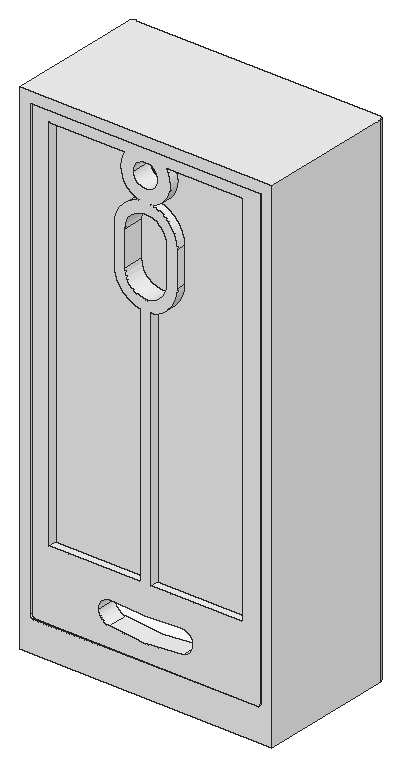
Revit family "STH21728BR_30_STH21728PTO_30", category Luminárias, Revit 2023
Family settings
  Hospedeiro = Parede
  Cota do conector redondo = Utilizar diâmetro
  Tipo de parte = Normal
  Número OmniClass = 23.80.70.00
  Título OmniClass = Lighting
  Sempre na vertical = Sim
  Corte com vazios quando carregada = Não
  Fonte luminosa = Sim
  Manter orientação da anotação = Não
  Compartilhado = Não
  Ponto de cálculo do ambiente = Não
Parameters (values of type "STH21728BR/30 - BRANCO - BIVOLT - 3000K - 100lm")
  Ângulo de inclinação = 90.00°
  Ângulo de Abertura = "70°"
  Wattage = 0.67321 W
  Vidro = Vidro
  URL = "https://stella.com.br/"
  Troca de temperatura da cor de lâmpada com esmaecimento = <Nenhum>
  Tensão Elétrica = "100V-240V"
  built-in parameter 1150107 = 3000 (stored number, unit not read)
  Temperatura da cor (K) = 3000 K
  Referência = "STH21728BR/30"
  Potência = 2.5 W
  built-in parameter 1150110 = 1 (stored number, unit not read)
  built-in parameter 1150109 = 1 (stored number, unit not read)
  built-in parameter 1114218 = 1 (stored number, unit not read)
  built-in parameter 1150112 = 1 (stored number, unit not read)
  built-in parameter 1150113 = 1 (stored number, unit not read)
  built-in parameter 1150132 = 2
  built-in parameter 1150137 = (empty or 0)
  Modelo = "Wall Micro"
  Luminoso = Luminoso - 3000K
  built-in parameter 1150106 = 0.079577 (stored number, unit not read)
  Largura = 0.02 m
  built-in parameter 1150102 = (empty or 0)
  built-in parameter 1150105 = 7.9577 (stored number, unit not read)
  IRC (Índice de reprodução de cores) = ">80"
  Grau de proteção (IP) = "IP65"
  Fluxo Luminoso = 100 lm
  Color Filter = 16777215
  built-in parameter 1114217 = 1 (stored number, unit not read)
  built-in parameter 1150139 = (empty or 0)
  Fabricante = "Stella"
  Estrutura = Al - Branco
  Default Elevation = 0.00 m
  built-in parameter 1150104 = 13.8 (stored number, unit not read)
  Dimerização = "Não dimerizável"
  built-in parameter 1150115 = 1 (stored number, unit not read)
  built-in parameter 1150114 = 1 (stored number, unit not read)
  Lumens = 100 lm
  built-in parameter 1150138 = (empty or 0)
  built-in parameter 1150134 = (empty or 0)
  Comprimento = 0.036 m
  Arquivo de rede fotométrica = "STELLA - STH21728BR-30 - WALL MICRO FACHO ABERTO.ies"
  Altura = 0.072 m
  built-in parameter 1150133 = 10 (stored number, unit not read)
Types (3, lengths in m): name | Referência | Estrutura | Arquivo de rede fotométrica
  (no name) | "STH21728BR/30" | Al - Branco | "STELLA - STH21728BR-30 - WALL MICRO FACHO ABERTO.ies"
  STH21728BR/30 - BRANCO - BIVOLT - 3000K - 100lm | "STH21728BR/30" | Al - Branco | "STELLA - STH21728BR-30 - WALL MICRO FACHO ABERTO.ies"
  STH21728PTO/30 - PRETO - BIVOLT - 3000K - 100lm | "STH21728PTO/30" | Al - Preto | "STELLA - STH21728PTO-30 - WALL MICRO FACHO ABERTO.ies"
Reference planes (m)
  plane 1: y = 0
  plane 2 "Eixo de origem da luz (F/T)": y = 0.1132
  plane 3 "Plano de inclinação da fonte de luz": x = -0.036356
  plane 4 "Elevação da origem da luz": z = 1
  plane 5: x = -0.018356
  plane 6: x = -0.054356
  plane 7: y = 0.1232
  plane 8 "Superior": z = 1.036
  plane 9: z = 0.964
  plane 10 "Centro": z = 1
Forms (m)
  Extrusion 1, solid, material "Al - Branco" <- "Estrutura"
    sketch origin (0, 0, 1) x (0, 1, 0) y (-1, 0, 0)
      loop
        arc (0.1232, 0.053756) -> (0.123024, 0.05418) -> (0.1226, 0.054356) r 0.0006
        line (0.1226, 0.054356) -> (0.1032, 0.054356) -> (0.1032, 0.018356) -> (0.1226, 0.018356)
        arc (0.1226, 0.018356) -> (0.123024, 0.018531) -> (0.1232, 0.018956) r 0.0006
        line (0.1232, 0.018956) -> (0.1232, 0.053756)
      loop
        line (0.1061, 0.052856) -> (0.1061, 0.019856) -> (0.1217, 0.019856) -> (0.1217, 0.052856) -> (0.1061, 0.052856)
    from -0.036 to 0.036
  Extrusion 2, solid, material "Al - Branco" <- "Estrutura"
    sketch origin (0.04, 0, 1) x (0, 1, 0) y (-1, 0, 0)
      loop
        line (0.1061, 0.092856) -> (0.1061, 0.059856) -> (0.1217, 0.059856) -> (0.1217, 0.092856) -> (0.1061, 0.092856)
    from 0.036 to 0.0345
  Extrusion 3, solid, material "Vidro" <- "Vidro"
    sketch origin (0, 0, 1) x (0, 1, 0) y (-1, 0, 0)
      loop
        line (0.1045, 0.052756) -> (0.1045, 0.019956) -> (0.1218, 0.019956) -> (0.1218, 0.052756) -> (0.1045, 0.052756)
    from -0.036 to -0.034
  Extrusion 4, void
    sketch origin (-0.036356, 0, 0) x (0, -1, 0) y (0, 0, 1)
      loop
        line (-0.110858, 0.970738) -> (-0.106144, 0.970738) -> (-0.105431, 0.97153) -> (-0.111496, 0.97153) -> (-0.110858, 0.970738)
      loop
        line (-0.106144, 0.969785) -> (-0.110858, 0.969785) -> (-0.110858, 0.968985) -> (-0.106144, 0.968985) -> (-0.106144, 0.969785)
      loop
        line (-0.110858, 0.968033) -> (-0.111496, 0.967241) -> (-0.105431, 0.967241) -> (-0.106144, 0.968033) -> (-0.110858, 0.968033)
    from 0.01737 to 0.018
  Extrusion 5, void
    sketch origin (0.1, 0.1132, 0) x (1, 0, 0) y (0, 0, 1)
      loop
        arc (-0.133431, 1.033) -> (-0.133064, 1.029689) -> (-0.135606, 1.027537) r 0.003543
        arc (-0.135606, 1.027537) -> (-0.132919, 1.026005) -> (-0.131856, 1.0231) r 0.0045
        line (-0.131856, 1.0231) -> (-0.131856, 1.0181)
        arc (-0.131856, 1.0181) -> (-0.132919, 1.015195) -> (-0.135606, 1.013663) r 0.0045
        line (-0.135606, 1.013663) -> (-0.135606, 0.9787) -> (-0.122456, 0.9787) -> (-0.122456, 1.033) -> (-0.133431, 1.033)
      loop
        line (-0.13928, 1.033) -> (-0.150256, 1.033) -> (-0.150256, 0.9787) -> (-0.137106, 0.9787) -> (-0.137106, 1.013663)
        arc (-0.137106, 1.013663) -> (-0.139793, 1.015195) -> (-0.140856, 1.0181) r 0.0045
        line (-0.140856, 1.0181) -> (-0.140856, 1.0231)
        arc (-0.140856, 1.0231) -> (-0.139793, 1.026005) -> (-0.137106, 1.027537) r 0.0045
        arc (-0.137106, 1.027537) -> (-0.139648, 1.029689) -> (-0.13928, 1.033) r 0.003543
    from 0.0088 to 0.01
  Extrusion 6, void
    sketch origin (0, 0.1132, 0) x (1, 0, 0) y (0, 0, 1)
      loop
        line (-0.019856, 1.0345) -> (-0.052856, 1.0345) -> (-0.052856, 0.969)
        arc (-0.052856, 0.969) -> (-0.052709, 0.968646) -> (-0.052356, 0.9685) r 0.0005
        line (-0.052356, 0.9685) -> (-0.020356, 0.9685)
        arc (-0.020356, 0.9685) -> (-0.020002, 0.968646) -> (-0.019856, 0.969) r 0.0005
        line (-0.019856, 0.969) -> (-0.019856, 1.0345)
    from 0.0071 to 0.01
  Extrusion 7, solid, material "Al - Branco" <- "Estrutura"
    sketch origin (0, 0.1132, 0) x (1, 0, 0) y (0, 0, 1)
      loop
        line (-0.019957, 1.0345) -> (-0.052606, 1.0345) -> (-0.052606, 0.969204)
        arc (-0.052606, 0.969204) -> (-0.052459, 0.96885) -> (-0.052106, 0.968704) r 0.0005
        line (-0.052106, 0.968704) -> (-0.020457, 0.968704)
        arc (-0.020457, 0.968704) -> (-0.020103, 0.96885) -> (-0.019957, 0.969204) r 0.0005
        line (-0.019957, 0.969204) -> (-0.019957, 1.0345)
    from 0.0071 to 0.01
  Extrusion 8, void
    sketch origin (0, 0.1132, 0) x (1, 0, 0) y (0, 0, 1)
      loop
        circle (-0.036356, 1.031) r 0.00175
      loop
        arc (-0.033356, 1.0231) -> (-0.036356, 1.0261) -> (-0.039356, 1.0231) r 0.003
        line (-0.039356, 1.0231) -> (-0.039356, 1.0181)
        arc (-0.039356, 1.0181) -> (-0.036356, 1.0151) -> (-0.033356, 1.0181) r 0.003
        line (-0.033356, 1.0181) -> (-0.033356, 1.0231)
      loop
        arc (-0.031106, 0.971427) -> (-0.029624, 0.973409) -> (-0.031606, 0.974891) r 0.00175
        arc (-0.031606, 0.974891) -> (-0.036356, 0.97455) -> (-0.041106, 0.974891) r 0.03325
        arc (-0.041106, 0.974891) -> (-0.042501, 0.974482) -> (-0.043106, 0.973159) r 0.00175
        arc (-0.043106, 0.973159) -> (-0.042679, 0.972013) -> (-0.041606, 0.971427) r 0.00175
        arc (-0.041606, 0.971427) -> (-0.036356, 0.97105) -> (-0.031106, 0.971427) r 0.03675
    from 0.0071 to 0.01
  Extrusion 9, void
    sketch origin (-0.036356, 0, 0) x (0, -1, 0) y (0, 0, 1)
      loop
        line (-0.1044, 0.964) -> (-0.1044, 0.9685) -> (-0.106473, 0.9685) -> (-0.106473, 0.964) -> (-0.1044, 0.964)
    from -0.0165 to 0.0165
Cuts and joins
  Extrusion 4, Extrusion 5, Extrusion 6, Extrusion 9 cuts Extrusion 1
  Extrusion 9 cuts Extrusion 2
  joined: Extrusion 1, Extrusion 2
  Extrusion 5, Extrusion 8 cuts Extrusion 7
Text (m)
  text "Lado da colocação" at (0, 1.019848, 2.734603), in view "Direita"
  text "Lado da colocação" at (-0.592662, 0.673012, 0), in view "Nível de referência"
  text "Lado da colocação" at (0, 1.206291, 3.571227), in view "Esquerda"
  text "90 graus" at (-0.2286, 1.737863, 2.019117), in view "Esquerda"
  text "Inclinação da luz de 0 graus" at (-0.2286, 0.870797, 0.30306), in view "Esquerda"
  text "180 graus" at (-0.2286, 0.532154, 2.851909), in view "Esquerda"
Dimensions and locks (m)
  "Comprimento": plane 6 to plane 5
  "Largura": cut or joined group of Extrusion 1, Extrusion 2, Extrusion 4, Extrusion 5, Extrusion 6, Extrusion 9 to plane 7
  "Altura": plane 9 to plane 8 "Superior"
  aligned and locked: Extrusion 1 to plane 9
  aligned and locked: plane 8 "Superior" to Extrusion 1
  aligned and locked: Extrusion 9 to cut or joined group of Extrusion 1, Extrusion 2, Extrusion 4, Extrusion 5, Extrusion 6, Extrusion 9  (x2)
Automatic sketch dimensions
  host wall to Extrusion 2 sketch curve = 0.0029 m
  Extrusion 2 sketch curve to plane 7 = 0.0015 m
  Extrusion 2 sketch curve to plane 5 = 0.0015 m
  plane 6 to Extrusion 2 sketch curve = 0.0015 m
  host wall to Extrusion 4 sketch curve = 0.008296 m
  Extrusion 4 sketch curve to Extrusion 4 sketch curve = 0.00 m  (x4)
  Extrusion 4 sketch curve to Extrusion 4 sketch curve = 0.000638 m  (x2)
  host wall to Extrusion 4 sketch curve = 0.002944 m
  Extrusion 4 sketch curve to Extrusion 4 sketch curve = 0.000713 m  (x2)
  plane 9 to Extrusion 4 sketch curve = 0.003241 m
  Extrusion 4 sketch curve to Extrusion 4 sketch curve = 0.000792 m  (x2)
  Extrusion 4 sketch curve to Extrusion 4 sketch curve = 0.000953 m  (x2)
  Extrusion 4 sketch curve to Extrusion 4 sketch curve = 0.0008 m
  Extrusion 5 sketch curve to Extrusion 5 sketch curve = 0.00 m  (x8)
  plane 3 "Plano de inclinação da fonte de luz" to Extrusion 5 sketch curve = 0.00 m  (x3)
  plane 3 "Plano de inclinação da fonte de luz" to Extrusion 5 sketch curve = 0.00075 m
  plane 3 "Plano de inclinação da fonte de luz" to Extrusion 5 sketch curve = 0.002925 m
  Extrusion 5 sketch curve to Extrusion 5 sketch curve = 0.0045 m
  plane 6 to Extrusion 5 sketch curve = 0.0041 m
  Extrusion 5 sketch curve to plane 3 "Plano de inclinação da fonte de luz" = 0.00075 m
  Extrusion 5 sketch curve to plane 3 "Plano de inclinação da fonte de luz" = 0.002925 m
  Extrusion 5 sketch curve to plane 3 "Plano de inclinação da fonte de luz" = 0.0045 m
  Extrusion 5 sketch curve to plane 5 = 0.0041 m
  plane 9 to Extrusion 5 sketch curve = 0.0147 m
  Extrusion 5 sketch curve to plane 4 "Elevação da origem da luz" = 0.013663 m
  Extrusion 5 sketch curve to Extrusion 5 sketch curve = 0.005 m
  Extrusion 5 sketch curve to plane 8 "Superior" = 0.005 m
  Extrusion 5 sketch curve to plane 8 "Superior" = 0.003 m  (x2)
  Extrusion 1 sketch curve to host wall = 0.00 m
  Extrusion 1 sketch curve to plane 5 = 0.00 m
  Extrusion 1 sketch curve to plane 6 = 0.00 m
  Extrusion 1 sketch curve to plane 7 = 0.00 m
  Extrusion 1 sketch curve to plane 7 = 0.0015 m
  Extrusion 1 sketch curve to plane 7 = 0.0006 m  (x2)
  Extrusion 1 sketch curve to Extrusion 1 sketch curve = 0.0009 m  (x2)
  host wall to Extrusion 1 sketch curve = 0.0029 m
  plane 6 to Extrusion 6 sketch curve = 0.0015 m
  Extrusion 6 sketch curve to Extrusion 6 sketch curve = 0.0005 m
  Extrusion 6 sketch curve to plane 5 = 0.002 m
  Extrusion 6 sketch curve to plane 5 = 0.0015 m
  plane 9 to Extrusion 6 sketch curve = 0.005 m
  Extrusion 6 sketch curve to plane 8 "Superior" = 0.0015 m
  Extrusion 7 sketch curve to plane 5 = 0.03425 m
  Extrusion 7 sketch curve to Extrusion 7 sketch curve = 0.0005 m
  plane 9 to Extrusion 7 sketch curve = 0.005204 m
  Extrusion 7 sketch curve to plane 5 = 0.002101 m
  Extrusion 7 sketch curve to plane 8 "Superior" = 0.0015 m
  Extrusion 7 sketch curve to plane 5 = 0.001601 m
  plane 3 "Plano de inclinação da fonte de luz" to Extrusion 8 sketch curve = 0.00 m  (x3)
  Extrusion 8 sketch curve to plane 8 "Superior" = 0.005 m
  Extrusion 8 sketch curve to Extrusion 8 sketch curve = 0.00175 m  (x2)
  Extrusion 8 sketch curve to plane 3 "Plano de inclinação da fonte de luz" = 0.003 m
  Extrusion 8 sketch curve to Extrusion 8 sketch curve = 0.0079 m
  Extrusion 8 sketch curve to Extrusion 8 sketch curve = 0.005 m
  Extrusion 8 sketch curve to plane 3 "Plano de inclinação da fonte de luz" = 0.005 m
  Extrusion 8 sketch curve to plane 4 "Elevação da origem da luz" = 0.0078 m
  plane 9 to Extrusion 8 sketch curve = 0.009159 m
  plane 3 "Plano de inclinação da fonte de luz" to Extrusion 8 sketch curve = 0.00525 m
  Extrusion 8 sketch curve to Extrusion 8 sketch curve = 0.00025 m  (x3)
  Extrusion 8 sketch curve to Extrusion 8 sketch curve = 0.00 m  (x3)
  Extrusion 8 sketch curve to Extrusion 8 sketch curve = 0.001732 m
  Extrusion 3 sketch curve to plane 7 = 0.0014 m
  plane 6 to Extrusion 3 sketch curve = 0.0016 m
  host wall to Extrusion 3 sketch curve = 0.0013 m
  plane 6 to Extrusion 3 sketch curve = 0.0344 m
  Extrusion 9 sketch curve to plane 9 = 0.00 m
  host wall to Extrusion 9 sketch curve = 0.003273 m
  host wall to Extrusion 9 sketch curve = 0.0012 m
  plane 9 to Extrusion 9 sketch curve = 0.0045 m
Connectors (m)
  electrical at (-0.036356, 0.1132, 1)
    settings: index 1, voltage 0 V, apparent load 0 VA, apparent load phase1 0 VA, apparent load phase2 0 VA, apparent load phase3 0 VA, power factor 1, load classification "Outro", number of poles 1, system type 31, power factor state 1, is connector primary yes, connector utility no, sub classification motor no, connector description ""
